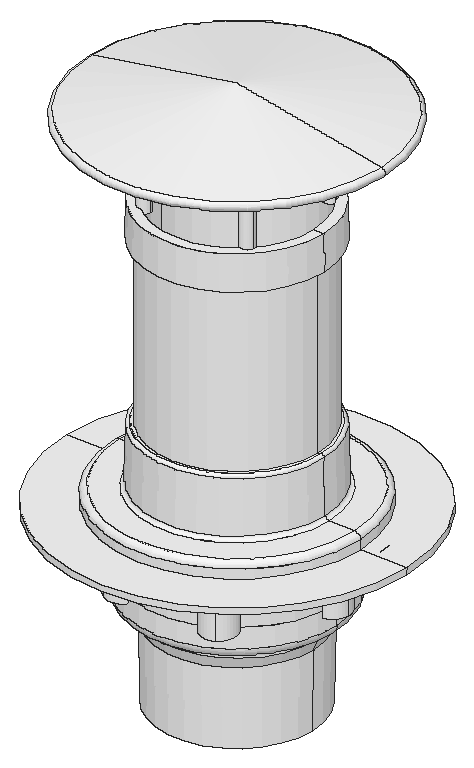
Revit family "3100.205_1", category Plumbing Fixtures, Revit 2016
Family settings
  Part Type = Normal
  Round Connector Dimension = Use Diameter
  OmniClass Number = 23.45.00.00
  OmniClass Title = Sanitary, Laundry, and Cleaning Equipment
  Work Plane-Based = No
  Always vertical = Yes
  Cut with Voids When Loaded = No
  Shared = No
  Room Calculation Point = No
Parameters (values of type "3100.205.1")
  Waste Connection = yes
  Vent Connection = yes
  URL = "www.aquaknight.co.nz"
  Phone = "+6498322214"  # constant formula
  Model = "3100.205.1 RD"
  Manufacturer = "Aquanight Industries Ltd"  # constant formula
  HW Connection = no
  Email = "info@aquaknight.co.nz"  # constant formula
  Description = "RD Overflow XL Bottom Exit DN100x100"
  CW Connection = no
Reference planes
  plane 1 "Center (Front/Back)": y = 0
  plane 2: z = 0
  plane 3 "Center (Left/Right)": x = 0
  plane 4: z = 9.901
  plane 5: z = 179.051
  plane 6: z = -77.652
Forms (mm)
  Revolve 1, solid, material "Plastic, Glossy White"
    sketch origin (0, 0, 0) x (1, 0, 0) y (0, 0, 1)
      loop
        line (-59.12, 159.901) -> (-54.75, 159.901) -> (-54.75, 48.901) -> (-56.943, 48.901)
        arc (-56.943, 48.901) -> (-58.41, 48.3) -> (-59.036, 46.844) r 2.093
        line (-59.036, 46.844) -> (-59.638, 12.357)
        arc (-59.638, 12.357) -> (-60.385, 10.617) -> (-62.137, 9.901) r 2.5
        line (-62.137, 9.901) -> (-79.539, 9.901)
        arc (-79.539, 9.901) -> (-82.34, 8.74) -> (-83.5, 5.94) r 3.961
        line (-83.5, 5.94) -> (-83.5, 0) -> (-115, 0) -> (-115, -4) -> (-89.864, -4) -> (-78.07, -16.648) -> (-78.07, -19.882)
        arc (-78.07, -19.882) -> (-77.01, -22.44) -> (-74.452, -23.5) r 3.618
        line (-74.452, -23.5) -> (-67.69, -23.5) -> (-67.425, -38.5) -> (-67.425, -51.688)
        arc (-67.425, -51.688) -> (-65.58, -56.188) -> (-61.109, -58.1) r 6.413
        arc (-61.109, -58.1) -> (-56.943, -59.871) -> (-55.2, -64.047) r 6
        line (-55.2, -64.047) -> (-52, -71.477) -> (-51.354, -120.857) -> (-47.921, -120.857) -> (-47.921, -70.857) -> (-58.435, -52.646) -> (-58.435, -17.646) -> (-25.115, -17.646) -> (-25.115, 0) -> (-51.545, 0) -> (-51.545, 179.843) -> (-52.102, 180.401) -> (-52.102, 182.901) -> (-58.719, 182.901) -> (-59.12, 159.901)
      loop
        line (-97.214, 230.901) -> (0, 230.901) -> (0, 253.754) -> (-97.706, 236.526)
        arc (-97.706, 236.526) -> (-100.037, 233.488) -> (-97.214, 230.901) r 2.834
      axis (0, 253.754) -> (0, -120.857)
    angle from 0 to 360
  Extrusion 2, solid, material "Plastic, Glossy White", detail levels medium+fine
    sketch origin (0, 0, 4) x (0, 1, 0) y (-1, 0, 0)
      loop
        circle (-55.93, 32.291) r 11.176
      loop
        circle (0, -64.583) r 11.176
      loop
        circle (-55.93, -32.291) r 11.176
      loop
        circle (0, 64.583) r 11.176
      loop
        circle (55.93, 32.291) r 11.176
      loop
        circle (55.93, -32.291) r 11.176
    from 0 to -46.5
  Extrusion 3, solid, material "Plastic, Glossy White"
    sketch origin (-96.25, -1524, 357.801) x (-1, 0, 0) y (0, -1, 0)
      loop
        circle (-61.25, -1489) r 4.432
      loop
        circle (-131.25, -1489) r 4.432
      loop
        circle (-61.25, -1559) r 4.432
      loop
        circle (-131.25, -1559) r 4.432
    from -177.958 to -118.75
Lines and regions (mm)
  model lines, detail levels fine
    curve 1: circle (-67.649, 0, 9.901) r 4.75 normal (0, 0, -1)
    curve 2: circle (-34.168, 59.181, 9.901) r 4.75 normal (0, 0, -1)
    curve 3: circle (-34.168, -59.181, 9.901) r 4.75 normal (0, 0, 1)
    curve 4: line (-50, 14.651, 179.051) -> (-50, -14.651, 179.051)
    curve 5: line (-40, 33.386, 179.051) -> (-40, -33.386, 179.051)
    curve 6: line (-30, 42.599, 179.051) -> (-30, -40, 179.051)
    curve 7: line (-20, 48.111, 179.051) -> (-20, -48.111, 179.051)
    curve 8: line (-10, 51.134, 179.051) -> (-10, -51.134, 179.051)
    curve 9: circle (68.336, 0, 9.901) r 4.75 normal (0, 0, 1)
    curve 10: line (50, 14.651, 179.051) -> (50, -14.651, 179.051)
    curve 11: line (40, 33.386, 179.051) -> (40, -33.386, 179.051)
    curve 12: line (30, 42.599, 179.051) -> (30, -42.599, 179.051)
    curve 13: line (20, 48.111, 179.051) -> (20, -48.111, 179.051)
    curve 14: line (10, 51.134, 179.051) -> (10, -51.134, 179.051)
    curve 15: line (0, 56.276, 179.051) -> (0, -53.724, 179.051)
    curve 16: line (-30, -40, 179.051) -> (33.386, -40, 179.051)
    curve 17: line (-40, -30, 179.051) -> (42.599, -30, 179.051)
    curve 18: line (-48.111, -20, 179.051) -> (48.111, -20, 179.051)
    curve 19: line (-50, -10, 179.051) -> (50, -10, 179.051)
    curve 20: line (-52.102, 0, 179.051) -> (56.276, 0, 179.051)
    curve 21: circle (34.168, 59.181, 9.901) r 4.75 normal (0, 0, 1)
    curve 22: circle (34.168, -59.181, 9.901) r 4.75 normal (0, 0, -1)
    curve 29: line (-33.386, 40, 179.051) -> (33.386, 40, 179.051)
    curve 30: line (-42.599, 30, 179.051) -> (42.599, 30, 179.051)
    curve 31: line (-48.111, 20, 179.051) -> (48.111, 20, 179.051)
    curve 32: line (-50, 10, 179.051) -> (50, 10, 179.051)
  model lines, detail levels medium+fine
    curve 23: circle (-106.114, 0, 0) r 6 normal (0, 0, -1)
    curve 24: circle (-53.057, 91.898, 0) r 6 normal (0, 0, -1)
    curve 25: circle (53.057, 91.898, 0) r 6 normal (0, 0, 1)
    curve 26: circle (106.114, 0, 0) r 6 normal (0, 0, 1)
    curve 27: circle (-53.057, -91.898, 0) r 6 normal (0, 0, 1)
    curve 28: circle (53.057, -91.898, 0) r 6 normal (0, 0, -1)
Dimensions and locks
  locked: level to plane 6 at 77.652
  connector elem to plane 1 "Center (Front/Back)" = 0 mm
  aligned and locked: level to plane 2
  aligned and locked: Revolve 1 sketch curve to plane 3 "Center (Left/Right)"
Connectors
  piping at (0, 0, -77.652), diameter 100
    settings: on plane 6, index 1, connector inside diameter 609.6 mm, connector length 0 mm, flow factor 0, pipe flow 0.0 L/s, pressure drop 0.0 Pa, fitting loss kfactor 0, connector angle 0.00°, fixture units 0, engagement length 0 mm, angle of deflection 0.00°, flow configuration 0, flow direction 0, fitting loss method 0, system type 28, joint type 0, gender type 0, connector reference index -1, connector utility 0, adjustable connector no, is connector primary yes, connector description ""
